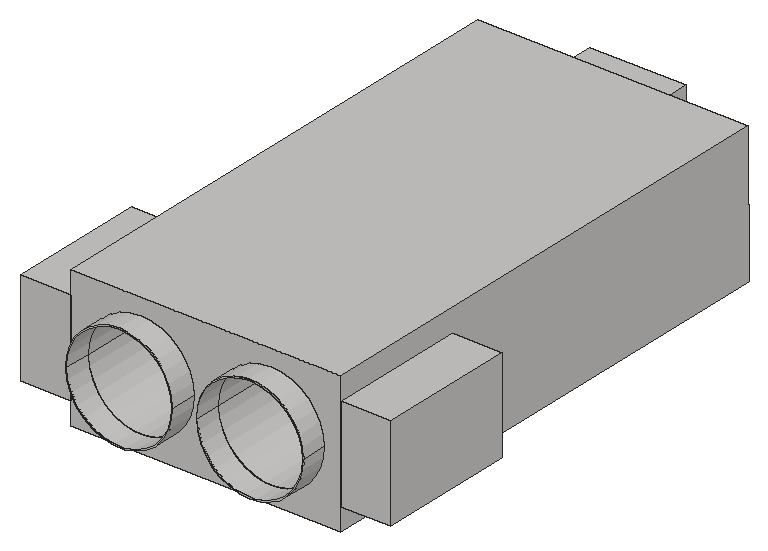
Revit family
Parameters
  Width = 2' - 11"
  Unit Weight = "158.0 lbs"
  URL = "http://www.titus-hvac.com/"
  UL = "181"
  SteriLoc Liner = Liner Option = 3  # no
  Outlet Width = 1' - 0 1/2"
  Outlet Height = 1' - 4 1/8"
  Nominal Width = Width + 1' 1"  # 4' - 0"
  Nominal Length = Length + Inlet Length + 0' 4"  # 6' - 1 3/8"
  Nominal Inlet Size = 1' - 2"
  Nominal Height = if(Height > 1' 0 1/4", Height, 1' 0 1/4")  # 1' - 6 1/8"
  NFPA = "90A"
  Model = "DMDV"
  Min. Air Flow = 0 CFM
  Max. Air Flow = 3000 CFM
  Material = Steel
  Manufacturer = "Titus"
  Liner Option = 0
  Length = 5' - 6"
  Inlet Void Radius = Inlet Radius - 0' 0 1/8"  # 0' - 6 13/16"
  Inlet Radius = Inlet Diameter / 2  # 0' - 6 15/16"
  Inlet Offset = 1' - 4 7/8"
  Inlet Length = 0' - 3 3/8"
  Inlet Diameter = Nominal Inlet Size - 0' 0 1/8"  # 1' - 1 7/8"
  Height = 1' - 6 1/8"
  Heat Air Pressure Drop [instance] = 0.00 in-wg
  Heat Air Flow [instance] = 0 CFM
  Fiber Free Liner = Liner Option = 2  # no
  Duct Radius = Nominal Inlet Size / 2  # 0' - 7"
  Description = "Dual Duct Terminal Unit, Digital Control, Pressure Independent, High Performance Mixer"
  Cool Air Pressure Drop [instance] = 0.00 in-wg
  Cool Air Flow [instance] = 0 CFM
  CADworks URL = "www.CADworks.net"
  Assembly Code = "D3040100"
  1/2" Fiberglass Liner = Liner Option = 0  # yes
  1" Fiberglass Liner = Liner Option = 1  # no
Reference planes (in)
  plane 1 "Center (Front/Back)": y = 0
  plane 2: z = 0
  plane 3 "Center (Left/Right)": x = 0
  plane 4: x = 17.5
  plane 5: x = -17.5
  plane 6: y = 33
  plane 7: y = -33
  plane 8: z = 9.0625
  plane 9: z = -9.0625
  plane 10: x = -8.4375
  plane 11: x = 8.4375
  plane 12: y = -36.375
  plane 13: y = 37
  plane 14: x = -24
  plane 15: x = 24
  plane 16: y = 9
  plane 17: y = -9
Forms (in)
  Extrusion 1, solid, material "Steel" <- "Material"
    sketch origin (0, 9.5, -24) x (1, 0, 0) y (0, 0, 1)
      loop
        line (-17.5, 33.0625) -> (-17.5, 14.9375) -> (17.5, 14.9375) -> (17.5, 33.0625) -> (-17.5, 33.0625)
    from -23.5 to 42.5
  Extrusion 2, solid, material "Steel" <- "Material"
    sketch origin (0, -23.5, 0) x (1, 0, 0) y (0, 0, 1)
      loop
        line (17.5, 6.125) -> (17.5, -6.125) -> (24, -6.125) -> (24, 6.125) -> (17.5, 6.125)
    from -8.5 to 9.5
  Extrusion 3, solid, material "Steel" <- "Material"
    sketch origin (0, -21.5, 0) x (-1, 0, 0) y (0, 0, -1)
      loop
        line (17.5, -6.125) -> (24, -6.125) -> (24, 6.125) -> (17.5, 6.125) -> (17.5, -6.125)
    from -6.5 to 11.5
  Extrusion 4, solid, material "Steel" <- "Material"
    sketch origin (0, -19, 0) x (1, 0, 0) y (0, 0, 1)
      loop
        circle (-8.4375, 0) r 6.9375
    from 14 to 17.375
  Extrusion 5, solid, material "Steel" <- "Material"
    sketch origin (0, -19, 0) x (-1, 0, 0) y (0, 0, -1)
      loop
        circle (-8.4375, 0) r 6.9375
    from 14 to 17.375
  Extrusion 6, void
    sketch origin (0, -10.375, 0) x (1, 0, 0) y (0, 0, 1)
      loop
        circle (-8.4375, 0) r 6.8125
    from -1.375 to 26
  Extrusion 7, void
    sketch origin (0, 0, 0) x (1, 0, 0) y (0, 0, 1)
      loop
        circle (8.4375, 0) r 6.8125
    from 9 to 36.375
  Extrusion 8, solid, material "Steel" <- "Material"
    sketch origin (0, 23, 0) x (1, 0, 0) y (0, 0, 1)
      loop
        line (-6.25, 8.0625) -> (-6.25, -8.0625) -> (6.25, -8.0625) -> (6.25, 8.0625) -> (-6.25, 8.0625)
    from -14 to -10
  Extrusion 9, void
    sketch origin (0, 21.5, 0) x (1, 0, 0) y (0, 0, 1)
      loop
        line (-6, 7.8125) -> (-6, -7.8125) -> (6, -7.8125) -> (6, 7.8125) -> (-6, 7.8125)
    from -15.5 to 12.5
Cuts and joins
  Extrusion 6, Extrusion 7, Extrusion 9 cuts Extrusion 1
  Extrusion 6 cuts Extrusion 4
  Extrusion 7 cuts Extrusion 5
  Extrusion 9 cuts Extrusion 8
Dimensions and locks (in)
  "Length": plane 7 to plane 6
  equal spacing: plane 7, plane 1 "Center (Front/Back)", plane 6
  "Width": plane 5 to plane 4
  equal spacing: plane 5, plane 3 "Center (Left/Right)", plane 4
  "Height": plane 9 to plane 8
  equal spacing: plane 9, level, plane 8
  locked: Extrusion 2 to plane 7 at 18
  locked: Extrusion 2 to Extrusion 2 at 12.25
  equal spacing: Extrusion 2, plane 2, Extrusion 2, locked at 6.125 each
  locked: Extrusion 2 to plane 4 at 6.5
  locked: Extrusion 3 to Extrusion 3 at 12.25
  equal spacing: Extrusion 3, plane 2, Extrusion 3, locked at 6.125 each
  locked: Extrusion 3 to plane 5 at 6.5
  locked: Extrusion 3 to plane 7 at 18
  "Inlet Offset": plane 10 to plane 11
  equal spacing: plane 10, plane 3 "Center (Left/Right)", plane 11
  "Inlet Length": plane 7 to plane 12
  "Inlet Length": plane 7 to Extrusion 4
  "Inlet Length": Extrusion 5 to plane 7
  locked: plane 6 to plane 13 at 4
  "Outlet Width": Extrusion 8 sketch curve to Extrusion 8 sketch curve
  equal spacing: Extrusion 8 sketch curve, plane 3 "Center (Left/Right)", Extrusion 8 sketch curve
  locked: Extrusion 4 sketch curve to level at 0
  locked: Extrusion 4 sketch curve to plane 10 at 0
  locked: Extrusion 5 sketch curve to level at 0
  locked: Extrusion 5 sketch curve to plane 11 at 0
  locked: Extrusion 6 sketch curve to level at 0
  locked: Extrusion 6 sketch curve to plane 10 at 0
  locked: Extrusion 7 sketch curve to level at 0
  locked: Extrusion 7 sketch curve to plane 11 at 0
  locked: cut or joined group of Extrusion 8, Extrusion 9 to Extrusion 9 sketch curve at 0.25  (x3)
  locked: Extrusion 9 sketch curve to cut or joined group of Extrusion 8, Extrusion 9 at 0.25
  "Outlet Height": Extrusion 8 sketch curve to Extrusion 8 sketch curve
  equal spacing: Extrusion 8 sketch curve, plane 2, Extrusion 8 sketch curve
  "Nominal Width": plane 14 to plane 15
  plane 13 to plane 12 = 6' - 1 3/8"
  locked: plane 14 to plane 5 at 6.5
  equal spacing: cut or joined group of Extrusion 8, Extrusion 9, plane 3 "Center (Left/Right)", cut or joined group of Extrusion 8, Extrusion 9
  locked: plane 17 to plane 7 at 24
  locked: plane 16 to plane 6 at 24
  "Inlet Radius": radius of Extrusion 4 sketch curve
  "Inlet Radius": radius of Extrusion 5 sketch curve
  "Inlet Void Radius": radius of Extrusion 6 sketch curve
  "Inlet Void Radius": radius of Extrusion 7 sketch curve
  aligned and locked: plane 6 to Extrusion 1
  aligned and locked: plane 4 to Extrusion 1
  aligned and locked: plane 5 to Extrusion 1
  aligned and locked: plane 7 to Extrusion 1
  aligned and locked: plane 8 to Extrusion 1
  aligned and locked: plane 7 to Extrusion 2
  aligned and locked: plane 7 to Extrusion 3
  aligned and locked: plane 12 to Extrusion 4
  aligned and locked: plane 7 to Extrusion 4
  aligned and locked: plane 7 to Extrusion 5
  aligned and locked: plane 6 to Extrusion 8
  aligned and locked: plane 13 to Extrusion 8
  aligned and locked: plane 12 to cut or joined group of Extrusion 4, Extrusion 6  (x2)
  aligned and locked: plane 12 to cut or joined group of Extrusion 5, Extrusion 7  (x2)
  aligned and locked: plane 13 to cut or joined group of Extrusion 8, Extrusion 9  (x2)
  aligned and locked: plane 14 to Extrusion 3  (x2)
  aligned and locked: plane 15 to Extrusion 2
  aligned and locked: Extrusion 6 to plane 12
  aligned and locked: Extrusion 7 to plane 12
  aligned and locked: Extrusion 9 to plane 13
  aligned and locked: Extrusion 2 to plane 15
  aligned and locked: Extrusion 2 to cut or joined group of Extrusion 1, Extrusion 6, Extrusion 7, Extrusion 9
  aligned and locked: Extrusion 3 to cut or joined group of Extrusion 1, Extrusion 6, Extrusion 7, Extrusion 9
  aligned and locked: cut or joined group of Extrusion 1, Extrusion 6, Extrusion 7, Extrusion 9 to plane 8
  aligned and locked: plane 9 to cut or joined group of Extrusion 1, Extrusion 6, Extrusion 7, Extrusion 9
  aligned and locked: plane 16 to Extrusion 9
  aligned and locked: plane 17 to Extrusion 6
  aligned and locked: Extrusion 7 to cut or joined group of Extrusion 1, Extrusion 6, Extrusion 7, Extrusion 9
Automatic sketch dimensions
  Extrusion 1 sketch curve to plane 5 = 0' - 0"
  Extrusion 1 sketch curve to plane 4 = 0' - 0"
  plane 9 to Extrusion 1 sketch curve = 0' - 0"
  plane 8 to Extrusion 1 sketch curve = 0' - 0"
  Extrusion 2 sketch curve to plane 4 = 0' - 0"
  Extrusion 2 sketch curve to plane 9 = 0' - 2 15/16"
  Extrusion 2 sketch curve to Extrusion 2 sketch curve = 0' - 6 1/2"
  plane 8 to Extrusion 2 sketch curve = 0' - 2 15/16"
  Extrusion 3 sketch curve to plane 5 = 0' - 0"
  Extrusion 3 sketch curve to plane 9 = 0' - 2 15/16"
  Extrusion 3 sketch curve to Extrusion 3 sketch curve = 0' - 6 1/2"
  plane 8 to Extrusion 3 sketch curve = 0' - 2 15/16"
Connectors (in)
  hvac at (8.4375, -36.375, 0), driven by "Duct Radius", driven by "Cool Air Pressure Drop", driven by "Cool Air Flow"
    settings: on cut or joined group of Extrusion 5, Extrusion 7, index 1
  hvac at (-8.4375, -36.375, 0), driven by "Duct Radius", driven by "Heat Air Pressure Drop", driven by "Heat Air Flow"
    settings: on cut or joined group of Extrusion 4, Extrusion 6, index 2
  hvac at (0, 37, 0), driven by "Outlet Height", driven by "Outlet Width"
    settings: on cut or joined group of Extrusion 8, Extrusion 9, index 3
